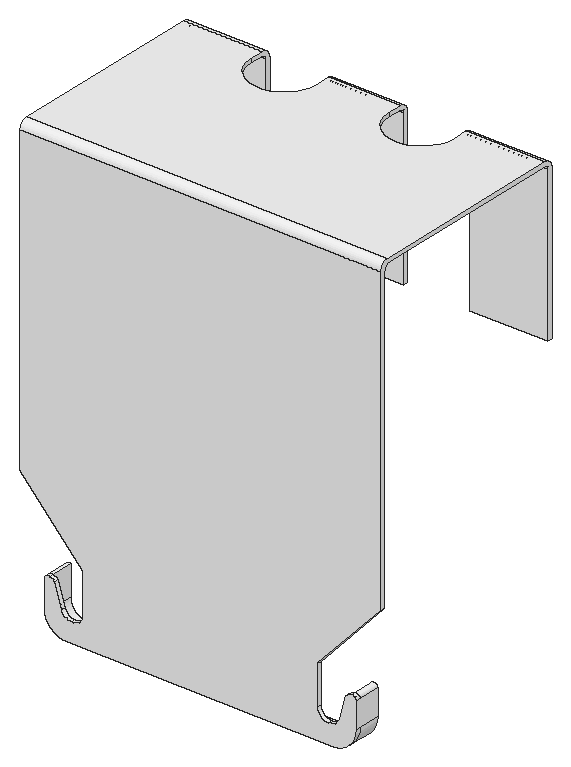
Revit family "wclip_60", category 機械設備, Revit 2022
Family settings
  丸型コネクタ寸法 = 直径を使用
  種別 = なし
  パーツ タイプ = 標準
  作業面ベース = いいえ
  常に垂直 = はい
  ロード時にボイドで切り取り = いいえ
  注釈の向きを維持 = いいえ
  共有 = いいえ
  部屋計算ポイント = いいえ
Parameters
  製造元 = "株式会社桐井製作所"
  既定の高さ = 0 mm
  URL = "https://www.kirii.co.jp/"
  K_品名 = "特殊60mmWクリップ"
  K_名称 = "特殊クリップ"
  K_入数 = "300"
  K_バージョン情報 = "20211012"
Reference planes
  plane 1 "中心(正面/背面)": y = 0
  plane 2: z = 0
  plane 3 "中心(左/右)": x = 0
Forms (mm)
  Extrusion 1, solid
    sketch origin (0, 30, 0) x (0, 1, 0) y (0, 0, 1)
      loop
        line (-30, 0) -> (-29.4, -0.6) -> (-29.4, 66.75)
        arc (-29.4, 66.75) -> (-29.034, 67.634) -> (-28.15, 68) r 1.25
        line (-28.15, 68) -> (1.25, 68)
        arc (1.25, 68) -> (1.71, 67.81) -> (1.9, 67.35) r 0.65
        line (1.9, 67.35) -> (1.9, 43.25) -> (2.5, 43.85) -> (2.5, 67.35)
        arc (2.5, 67.35) -> (2.134, 68.234) -> (1.25, 68.6) r 1.25
        line (1.25, 68.6) -> (-28.75, 68.6)
        arc (-28.75, 68.6) -> (-29.634, 68.234) -> (-30, 67.35) r 1.25
        line (-30, 67.35) -> (-30, 0)
    from -27.5 to 27.5
  Extrusion 2, void
    sketch origin (0, 0, 0) x (1, 0, 0) y (0, 0, 1)
      loop
        line (-27.5, 21) -> (-27.5, 0) -> (-20.3, 0)
        arc (-20.3, 0) -> (-22.775, 1.025) -> (-23.8, 3.5) r 3.5
        line (-23.8, 3.5) -> (-23.8, 7.4)
        arc (-23.8, 7.4) -> (-23.549, 7.896) -> (-23, 7.986) r 0.614
        arc (-23, 7.986) -> (-22.571, 7.809) -> (-22.177, 7.562) r 2.75
        line (-22.177, 7.562) -> (-21.207, 4.096)
        arc (-21.207, 4.096) -> (-20.595, 3.252) -> (-19.581, 3.011) r 1.5
        arc (-19.581, 3.011) -> (-18.405, 3.377) -> (-17.9, 4.5) r 1.5
        line (-17.9, 4.5) -> (-17.9, 10.5) -> (-27.5, 21)
      loop
        line (27.5, 21) -> (17.9, 10.5) -> (17.9, 4.5)
        arc (17.9, 4.5) -> (18.405, 3.377) -> (19.581, 3.011) r 1.5
        arc (19.581, 3.011) -> (20.595, 3.252) -> (21.207, 4.096) r 1.5
        line (21.207, 4.096) -> (22.177, 7.562)
        arc (22.177, 7.562) -> (22.571, 7.809) -> (23, 7.986) r 2.75
        arc (23, 7.986) -> (23.549, 7.896) -> (23.8, 7.4) r 0.614
        line (23.8, 7.4) -> (23.8, 3.5)
        arc (23.8, 3.5) -> (22.775, 1.025) -> (20.3, 0) r 3.5
        line (20.3, 0) -> (27.5, 0) -> (27.5, 21)
    from -0.6 to 0.213
  Extrusion 3, void
    sketch origin (0, -0.6, -0.8) x (0, 1, 0) y (0, 0, 1)
      loop
        line (0.387, 0.8) -> (0.387, -0.064) -> (1.428, -0.064) -> (1.428, 0.8) -> (0.387, 0.8)
    from -27.5 to 27.5
  Extrusion 4, void
    sketch origin (0, 15.62, 24.105) x (0, 1, 0) y (0, 0, 1)
      loop
        line (15.7, 19.745) -> (15.7, 18.89) -> (16.88, 18.89) -> (16.88, 19.745) -> (15.7, 19.745)
    from -27.5 to 27.5
  Extrusion 5, void
    sketch origin (0, 0, 0) x (1, 0, 0) y (0, 1, 0)
      loop
        line (-15.5, 32.5) -> (-15.5, 29)
        arc (-15.5, 29) -> (-10.5, 24) -> (-5.5, 29) r 5
        line (-5.5, 29) -> (-5.5, 32.5) -> (-15.5, 32.5)
      loop
        line (5.5, 32.5) -> (5.5, 29)
        arc (5.5, 29) -> (10.5, 24) -> (15.5, 29) r 5
        line (15.5, 29) -> (15.5, 32.5) -> (5.5, 32.5)
    from 43.25 to 68.6
  Extrusion 6, solid
    sketch origin (0, 0, 0) x (1, 0, 0) y (0, 0, 1)
      loop
        arc (-23.8, 3.5) -> (-22.775, 1.025) -> (-20.3, 0) r 3.5
        line (-20.3, 0) -> (20.3, 0)
        arc (20.3, 0) -> (22.775, 1.025) -> (23.8, 3.5) r 3.5
        line (23.8, 3.5) -> (23.8, 7.4)
        arc (23.8, 7.4) -> (23.549, 7.896) -> (23, 7.986) r 0.614
        line (23, 7.986) -> (23, 3.5)
        arc (23, 3.5) -> (22.209, 1.591) -> (20.3, 0.8) r 2.7
        line (20.3, 0.8) -> (-20.3, 0.8)
        arc (-20.3, 0.8) -> (-22.209, 1.591) -> (-23, 3.5) r 2.7
        line (-23, 3.5) -> (-23, 7.986)
        arc (-23, 7.986) -> (-23.549, 7.896) -> (-23.8, 7.4) r 0.614
        line (-23.8, 7.4) -> (-23.8, 3.5)
    from -4 to -0.6
Cuts and joins
  Extrusion 2, Extrusion 3, Extrusion 4, Extrusion 5 cuts Extrusion 1
  joined: Extrusion 1, Extrusion 6
Dimensions and locks
  aligned and locked: level to plane 2
